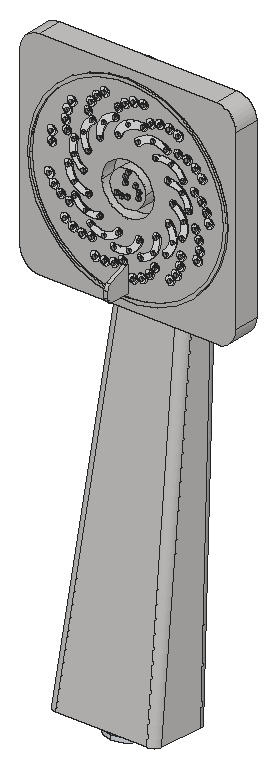
Revit family "VS-5001", category Plumbing Fixtures, Revit 2023
Family settings
  Round Connector Dimension = Use Diameter
  Part Type = Normal
  OmniClass Number = 23.45.00.00
  OmniClass Title = Sanitary, Laundry, and Cleaning Equipment
  Work Plane-Based = No
  Enable Cutting in Views = No
  Always vertical = Yes
  Cut with Voids When Loaded = No
  Maintain Annotation Orientation = No
  Shared = No
  Room Calculation Point = No
Parameters
  Default Elevation = 0' - 0"
Reference planes (in)
  plane 1 "Center (Front/Back)": y = 0
  plane 2: z = 0
  plane 3 "Center (Left/Right)": x = 0
  plane 4: y = 2.375
  plane 5: z = 10.375
  plane 6: x = -2.375
  plane 7: x = 2.375
  plane 8: z = 12.75
  plane 9: z = 8
  plane 10: y = 0.63108
  plane 11: y = 1.18628
  plane 12: y = 0.61864
Forms (in)
  SweptBlend 1, solid, material "Metal Finish"
    path origin (0, 0.55998, -0.13052) x (0, 0.993065, 0.117567) y (0, -0.117567, 0.993065)
      loop
        line (0.06002, 0.12432) -> (1.98613, 9.38304)
    profile origin (0, 0.60496, 0) x (0, -0.996195, 0.087156) y (1, 0, 0)
      loop
        arc (0.53413, -1.1875) -> (0.66835, -1.1319) -> (0.72395, -0.99768) r 0.18982
        line (0.72395, -0.99768) -> (0.72395, 0.99768)
        arc (0.72395, 0.99768) -> (0.66835, 1.1319) -> (0.53413, 1.1875) r 0.18982
        line (0.53413, 1.1875) -> (-0.53413, 1.1875)
        arc (-0.53413, 1.1875) -> (-0.66835, 1.1319) -> (-0.72395, 0.99768) r 0.18982
        line (-0.72395, 0.99768) -> (-0.72395, -0.99768)
        arc (-0.72395, -0.99768) -> (-0.66835, -1.1319) -> (-0.53413, -1.1875) r 0.18982
        line (-0.53413, -1.1875) -> (0.53413, -1.1875)
    end profile origin (0, 1.42919, 9.42096) x (0, -0.996195, 0.087156) y (1, 0, 0)
      loop
        arc (-0.20622, -0.7269) -> (-0.07133, -0.67103) -> (-0.01546, -0.53615) r 0.19075
        line (-0.01546, -0.53615) -> (-0.01546, 0.53615)
        arc (-0.01546, 0.53615) -> (-0.07133, 0.67103) -> (-0.20622, 0.7269) r 0.19075
        line (-0.20622, 0.7269) -> (-0.64537, 0.7269)
        arc (-0.64537, 0.7269) -> (-0.78025, 0.67103) -> (-0.83612, 0.53615) r 0.19075
        line (-0.83612, 0.53615) -> (-0.83612, -0.53615)
        arc (-0.83612, -0.53615) -> (-0.78025, -0.67103) -> (-0.64537, -0.7269) r 0.19075
        line (-0.64537, -0.7269) -> (-0.20622, -0.7269)
  Extrusion 2, solid, material "Metal Finish"
    sketch origin (0, 0, 0) x (1, 0, 0) y (0, 0, 1)
      loop
        arc (-1.9413, 12.75) -> (-2.24797, 12.62297) -> (-2.375, 12.3163) r 0.4337
        line (-2.375, 12.3163) -> (-2.375, 8.4337)
        arc (-2.375, 8.4337) -> (-2.24797, 8.12703) -> (-1.9413, 8) r 0.4337
        line (-1.9413, 8) -> (1.9413, 8)
        arc (1.9413, 8) -> (2.24797, 8.12703) -> (2.375, 8.4337) r 0.4337
        line (2.375, 8.4337) -> (2.375, 12.3163)
        arc (2.375, 12.3163) -> (2.24797, 12.62297) -> (1.9413, 12.75) r 0.4337
        line (1.9413, 12.75) -> (-1.9413, 12.75)
    from -0.63108 to -1.18628
  Revolve 3, solid, material "Metal Finish"
    sketch origin (0, 0, 0) x (0, 1, 0) y (0, 0, 1)
      loop
        line (1.18628, 12.75) -> (1.18628, 10.375) -> (2.375, 10.375) -> (2.375, 11.5431) -> (2.30693, 11.61117)
        arc (2.30693, 11.61117) -> (2.13859, 11.79301) -> (1.9462, 11.94919) r 1.7461
        arc (1.9462, 11.94919) -> (1.58493, 12.25233) -> (1.28178, 12.61361) r 2.70557
        line (1.28178, 12.61361) -> (1.18628, 12.75)
      axis (1.18628, 10.375) -> (2.375, 10.375)
    angle from 0 to 360
  Extrusion 4, solid, material "Metal Finish"
    sketch origin (0, 0, 0) x (1, 0, 0) y (0, 0, 1)
      loop
        circle (0, 10.375) r 2.1875
      loop
        circle (0, 10.375) r 2.125
    from -0.63108 to -0.59395
  Extrusion 5, solid, material "New Finishes"
    sketch origin (0.01104, 0.23643, 10.43272) x (0, 0, -1) y (1, 0, 0)
      loop
        arc (-0.81781, 0.55881) -> (-0.75454, 0.53471) -> (-0.71039, 0.58605) r 0.0589
        arc (-0.71039, 0.58605) -> (-0.7188, 0.90271) -> (-0.51022, 1.14113) r 0.43505
        arc (-0.51022, 1.14113) -> (-0.47872, 1.22825) -> (-0.56296, 1.26678) r 0.06837
        arc (-0.56296, 1.26678) -> (-0.84591, 0.96878) -> (-0.81781, 0.55881) r 0.51082
      loop
        arc (-0.4883, 0.88009) -> (-0.417, 0.80879) -> (-0.3457, 0.88009) r 0.0713
        arc (-0.3457, 0.88009) -> (-0.24577, 1.13832) -> (0.0075, 1.25025) r 0.36178
        arc (0.0075, 1.25025) -> (0.07607, 1.31386) -> (0.02127, 1.38966) r 0.07056
        arc (0.02127, 1.38966) -> (-0.33905, 1.24041) -> (-0.4883, 0.88009) r 0.50957
      loop
        arc (-0.06651, 1.02574) -> (-0.0303, 0.92475) -> (0.07066, 0.96105) r 0.07583
        arc (0.07066, 0.96105) -> (0.28156, 1.14677) -> (0.561, 1.11704) r 0.34929
        arc (0.561, 1.11704) -> (0.65748, 1.14278) -> (0.63265, 1.23949) r 0.07094
        arc (0.63265, 1.23949) -> (0.23623, 1.28581) -> (-0.06651, 1.02574) r 0.49717
      loop
        arc (0.37812, 0.95663) -> (0.36276, 0.85089) -> (0.4685, 0.83554) r 0.07555
        arc (0.4685, 0.83554) -> (0.73387, 0.9078) -> (0.97716, 0.77953) r 0.37494
        arc (0.97716, 0.77953) -> (1.08619, 0.77242) -> (1.09331, 0.88145) r 0.07726
        arc (1.09331, 0.88145) -> (0.75042, 1.05893) -> (0.37812, 0.95663) r 0.52989
      loop
        arc (0.76507, 0.69714) -> (0.70161, 0.6135) -> (0.78526, 0.55004) r 0.07424
        arc (0.78526, 0.55004) -> (1.06031, 0.50833) -> (1.21837, 0.2794) r 0.35058
        arc (1.21837, 0.2794) -> (1.30537, 0.21568) -> (1.36137, 0.30784) r 0.07317
        arc (1.36137, 0.30784) -> (1.13591, 0.61383) -> (0.76507, 0.69714) r 0.54323
      loop
        arc (0.95139, 0.16238) -> (1.18565, -0.0212) -> (1.2275, -0.31586) r 0.3987
        arc (1.2275, -0.31586) -> (1.29728, -0.38564) -> (1.36706, -0.31586) r 0.06978
        arc (1.36706, -0.31586) -> (1.29845, 0.06664) -> (0.99345, 0.30745) r 0.54794
        arc (0.99345, 0.30745) -> (0.89989, 0.25594) -> (0.95139, 0.16238) r 0.07552
      loop
        arc (1.01869, -0.16124) -> (0.92529, -0.16043) -> (0.90668, -0.25196) r 0.07342
        arc (0.90668, -0.25196) -> (1.06093, -0.51073) -> (0.96385, -0.79592) r 0.35913
        arc (0.96385, -0.79592) -> (0.9855, -0.89015) -> (1.08133, -0.87729) r 0.07176
        arc (1.08133, -0.87729) -> (1.19834, -0.50629) -> (1.01869, -0.16124) r 0.5082
      loop
        arc (0.85539, -0.60544) -> (0.76815, -0.56868) -> (0.73139, -0.65592) r 0.06694
        arc (0.73139, -0.65592) -> (0.7286, -0.91429) -> (0.55112, -1.10208) r 0.35435
        arc (0.55112, -1.10208) -> (0.51669, -1.19954) -> (0.61452, -1.23292) r 0.0727
        arc (0.61452, -1.23292) -> (0.85901, -0.9668) -> (0.85539, -0.60544) r 0.49139
      loop
        arc (0, -1.23294) -> (-0.08034, -1.31328) -> (0, -1.39362) r 0.08034
        arc (0, -1.39362) -> (0.36473, -1.24254) -> (0.5158, -0.87781) r 0.5158
        arc (0.5158, -0.87781) -> (0.4505, -0.80497) -> (0.37098, -0.86196) r 0.07328
        arc (0.37098, -0.86196) -> (0.26232, -1.12428) -> (0, -1.23294) r 0.37098
      loop
        arc (-0.54976, -1.10508) -> (-0.61962, -1.16898) -> (-0.57294, -1.25135) r 0.07597
        arc (-0.57294, -1.25135) -> (-0.20653, -1.26068) -> (0.07646, -1.02774) r 0.52434
        arc (0.07646, -1.02774) -> (0.06009, -0.93619) -> (-0.03292, -0.93715) r 0.07201
        arc (-0.03292, -0.93715) -> (-0.25602, -1.12981) -> (-0.54976, -1.10508) r 0.38015
      loop
        arc (-0.97628, -0.75136) -> (-1.08298, -0.73869) -> (-1.08751, -0.84604) r 0.07324
        arc (-1.08751, -0.84604) -> (-0.73955, -1.04195) -> (-0.35454, -0.93604) r 0.52437
        arc (-0.35454, -0.93604) -> (-0.35657, -0.84401) -> (-0.44818, -0.83501) r 0.06938
        arc (-0.44818, -0.83501) -> (-0.72953, -0.90242) -> (-0.97628, -0.75136) r 0.37842
      loop
        arc (-1.2025, -0.26215) -> (-1.29113, -0.21294) -> (-1.34243, -0.30037) r 0.07255
        arc (-1.34243, -0.30037) -> (-1.11438, -0.61474) -> (-0.73186, -0.6819) r 0.51742
        arc (-0.73186, -0.6819) -> (-0.69199, -0.60824) -> (-0.76061, -0.56021) r 0.06293
        arc (-0.76061, -0.56021) -> (-1.03686, -0.49318) -> (-1.2025, -0.26215) r 0.40851
      loop
        arc (-1.20784, 0.32052) -> (-1.28577, 0.39845) -> (-1.3637, 0.32052) r 0.07793
        arc (-1.3637, 0.32052) -> (-1.28943, -0.05468) -> (-0.99302, -0.2964) r 0.5645
        arc (-0.99302, -0.2964) -> (-0.89349, -0.25136) -> (-0.93414, -0.14995) r 0.079
        arc (-0.93414, -0.14995) -> (-1.15178, 0.03828) -> (-1.20784, 0.32052) r 0.44293
      loop
        arc (-0.90402, 0.26953) -> (-1.02767, 0.53321) -> (-0.94896, 0.81362) r 0.41773
        arc (-0.94896, 0.81362) -> (-0.96544, 0.9066) -> (-1.059, 0.89381) r 0.06813
        arc (-1.059, 0.89381) -> (-1.17476, 0.50724) -> (-0.99364, 0.14666) r 0.54637
        arc (-0.99364, 0.14666) -> (-0.90124, 0.17339) -> (-0.90402, 0.26953) r 0.07853
      loop
        circle (-0.71726, 1.61911) r 0.09055
      loop
        circle (-0.87393, 1.47684) r 0.08817
      loop
        circle (-0.98236, 1.298) r 0.08817
      loop
        circle (-1.0233, 1.09486) r 0.0833
      loop
        circle (-0.39873, 1.45038) r 0.07861
      loop
        circle (-0.26525, 1.61299) r 0.08512
      loop
        circle (-0.08565, 1.71997) r 0.0865
      loop
        circle (0.11414, 1.77189) r 0.09338
      loop
        circle (0.31763, 1.47195) r 0.0844
      loop
        circle (0.51195, 1.55356) r 0.08139
      loop
        circle (0.72014, 1.56889) r 0.08711
      loop
        circle (0.92554, 1.52099) r 0.09415
      loop
        circle (0.96469, 1.15952) r 0.08854
      loop
        circle (1.1732, 1.13777) r 0.08935
      loop
        circle (1.36578, 1.05639) r 0.09441
      loop
        circle (1.52213, 0.9193) r 0.08935
      loop
        circle (1.39238, 0.58351) r 0.0863
      loop
        circle (1.5676, 0.46528) r 0.08527
      loop
        circle (1.69956, 0.30434) r 0.0921
      loop
        circle (1.77373, 0.10965) r 0.09139
      loop
        circle (1.49955, -0.12619) r 0.08753
      loop
        circle (1.60498, -0.31537) r 0.0867
      loop
        circle (1.64378, -0.51841) r 0.08775
      loop
        circle (1.62096, -0.72679) r 0.09695
      loop
        circle (1.26856, -0.80722) r 0.08209
      loop
        circle (1.27197, -1.01412) r 0.0869
      loop
        circle (1.21337, -1.21943) r 0.09293
      loop
        circle (1.0965, -1.38986) r 0.09139
      loop
        circle (0.32429, -1.73759) r 0.10194
      loop
        circle (0.5116, -1.63361) r 0.09381
      loop
        circle (0.65311, -1.48558) r 0.09106
      loop
        circle (0.74304, -1.29884) r 0.085
      loop
        circle (-0.52352, -1.68475) r 0.09461
      loop
        circle (-0.30962, -1.68317) r 0.08808
      loop
        circle (-0.64722, -1.34824) r 0.08518
      loop
        circle (-0.85316, -1.37551) r 0.09064
      loop
        circle (-1.06061, -1.33546) r 0.09474
      loop
        circle (-1.25016, -1.24374) r 0.095
      loop
        circle (-1.19575, -0.88635) r 0.08033
      loop
        circle (-1.39593, -0.81685) r 0.08908
      loop
        circle (-1.55961, -0.68998) r 0.08659
      loop
        circle (-1.68551, -0.52351) r 0.09008
      loop
        circle (-1.48127, -0.22585) r 0.07928
      loop
        circle (-1.61764, -0.06729) r 0.08774
      loop
        circle (-1.71139, 0.11916) r 0.09119
      loop
        circle (-1.73359, 0.33164) r 0.08749
      loop
        circle (-1.4122, 0.49414) r 0.08885
      loop
        circle (-1.4676, 0.69373) r 0.08858
      loop
        circle (-1.45594, 0.90222) r 0.09033
      loop
        circle (-1.38522, 1.09831) r 0.10082
    from -0.39465 to -0.38221
  Extrusion 6, solid, material "Default"
    sketch origin (0.01194, 0.19821, 10.42904) x (0, 0, -1) y (-1, 0, 0)
      loop
        circle (-1.38522, -1.09831) r 0.03486
      loop
        circle (-1.45594, -0.90222) r 0.03516
      loop
        circle (-1.4676, -0.69373) r 0.03516
      loop
        circle (-1.4122, -0.49414) r 0.03516
      loop
        circle (-1.0233, -1.09486) r 0.03516
      loop
        circle (-0.98236, -1.298) r 0.03516
      loop
        arc (-0.90908, -1.47684) -> (-0.87495, -1.4417) -> (-0.83883, -1.47479) r 0.03516
        arc (-0.83883, -1.47479) -> (-0.87086, -1.51186) -> (-0.90885, -1.48092) r 0.03516
      loop
        circle (-0.71726, -1.61911) r 0.03516
      loop
        arc (-0.43346, -1.44491) -> (-0.39462, -1.41546) -> (-0.36368, -1.45312) r 0.03516
        arc (-0.36368, -1.45312) -> (-0.4001, -1.48551) -> (-0.43389, -1.45038) r 0.03516
      loop
        circle (-0.26525, -1.61299) r 0.03516
      loop
        circle (-0.08565, -1.71997) r 0.03516
      loop
        arc (0.14903, -1.77624) -> (0.11087, -1.80689) -> (0.07905, -1.76971) r 0.03516
        arc (0.07905, -1.76971) -> (0.11523, -1.73675) -> (0.1493, -1.77189) r 0.03516
      loop
        circle (0.31763, -1.47195) r 0.03516
      loop
        circle (0.51195, -1.55356) r 0.03516
      loop
        circle (0.72014, -1.56889) r 0.03516
      loop
        circle (0.92554, -1.52099) r 0.03516
      loop
        circle (0.96469, -1.15952) r 0.03516
      loop
        circle (1.1732, -1.13777) r 0.03516
      loop
        circle (1.36578, -1.05639) r 0.03516
      loop
        circle (1.52213, -0.9193) r 0.03516
      loop
        circle (1.39238, -0.58351) r 0.03516
      loop
        circle (1.5676, -0.46528) r 0.03516
      loop
        circle (1.69956, -0.30434) r 0.03516
      loop
        circle (1.77373, -0.10965) r 0.03516
      loop
        circle (1.49955, 0.12619) r 0.03516
      loop
        circle (1.60498, 0.31537) r 0.03516
      loop
        circle (1.64378, 0.51841) r 0.03516
      loop
        circle (1.62096, 0.72679) r 0.03516
      loop
        circle (1.26856, 0.80722) r 0.03516
      loop
        circle (1.27197, 1.01412) r 0.03516
      loop
        circle (1.21337, 1.21943) r 0.03516
      loop
        circle (1.0965, 1.38986) r 0.03516
      loop
        circle (0.74304, 1.29884) r 0.03516
      loop
        circle (0.65311, 1.48558) r 0.03516
      loop
        circle (0.5116, 1.63361) r 0.03516
      loop
        circle (0.32429, 1.73759) r 0.03516
      loop
        circle (-0.30962, 1.68317) r 0.03516
      loop
        circle (-0.52352, 1.68475) r 0.03516
      loop
        circle (-1.25016, 1.24374) r 0.03516
      loop
        circle (-1.06061, 1.33546) r 0.03516
      loop
        circle (-0.85316, 1.37551) r 0.03516
      loop
        circle (-0.64722, 1.34824) r 0.03516
      loop
        circle (-1.19575, 0.88635) r 0.03516
      loop
        circle (-1.39593, 0.81685) r 0.03516
      loop
        circle (-1.55961, 0.68998) r 0.03516
      loop
        circle (-1.68551, 0.52351) r 0.03516
      loop
        circle (-1.48127, 0.22585) r 0.03516
      loop
        circle (-1.61764, 0.06729) r 0.03516
      loop
        circle (-1.71139, -0.11916) r 0.03516
      loop
        circle (-1.73359, -0.33164) r 0.03516
      loop
        circle (0.97546, 0.2185) r 0.03399
      loop
        circle (1.02897, 0.83017) r 0.03399
      loop
        circle (1.13876, 0.52855) r 0.03399
      loop
        circle (0.97546, -0.23662) r 0.03399
      loop
        circle (1.30211, 0.30702) r 0.03399
      loop
        circle (1.24451, -0.01967) r 0.03399
      loop
        circle (1.30104, -0.28563) r 0.03399
      loop
        circle (0.77823, -0.62514) r 0.03399
      loop
        circle (1.10365, -0.55597) r 0.03399
      loop
        circle (0.74615, -0.98202) r 0.03399
      loop
        circle (1.03839, -0.83311) r 0.03399
      loop
        circle (0.42111, -0.89799) r 0.03399
      loop
        circle (0.5908, -1.1804) r 0.03399
      loop
        circle (0.25985, -1.21518) r 0.03399
      loop
        circle (-0.00026, -0.98907) r 0.03399
      loop
        circle (-0.00026, -1.31535) r 0.03399
      loop
        circle (-0.42126, -0.89435) r 0.03399
      loop
        circle (-0.29753, -1.18582) r 0.03399
      loop
        circle (-0.54692, -1.20326) r 0.03399
      loop
        circle (-0.77564, -0.60744) r 0.03399
      loop
        circle (-0.77564, -0.94749) r 0.03399
      loop
        circle (-1.02179, -0.83271) r 0.03399
      loop
        circle (-0.96869, -0.22584) r 0.03399
      loop
        circle (-1.09956, -0.54976) r 0.03399
      loop
        circle (-0.9632, 0.22361) r 0.03399
      loop
        circle (-1.28975, -0.31987) r 0.03399
      loop
        circle (-1.23426, -0.00513) r 0.03399
      loop
        circle (-0.76134, 0.62245) r 0.03399
      loop
        circle (-1.27296, 0.2902) r 0.03399
      loop
        circle (-1.09305, 0.53783) r 0.03399
      loop
        circle (-0.4058, 0.888) r 0.03399
      loop
        circle (-1.03793, 0.79916) r 0.03399
      loop
        circle (-0.7461, 0.9745) r 0.03399
      loop
        circle (0.01694, 0.98782) r 0.03399
      loop
        circle (-0.53387, 1.1883) r 0.03399
      loop
        circle (-0.23521, 1.1883) r 0.03399
      loop
        circle (0.44995, 0.88325) r 0.03399
      loop
        circle (0.01426, 1.31894) r 0.03399
      loop
        circle (0.3096, 1.18122) r 0.03399
      loop
        circle (0.79338, 0.62919) r 0.03399
      loop
        circle (0.78947, 0.93498) r 0.03399
      loop
        circle (0.5859, 1.16916) r 0.03399
      loop
        circle (-0.28774, -0.00085) r 0.03399
      loop
        circle (-0.18768, 0.05957) r 0.03399
      loop
        circle (-0.06282, 0.06284) r 0.03399
      loop
        circle (0.22576, 0.13819) r 0.03399
      loop
        circle (0.18927, 0.24788) r 0.03399
      loop
        circle (0.20386, 0.01598) r 0.03399
      loop
        circle (-0.0754, -0.16012) r 0.03399
      loop
        circle (0.02998, -0.23024) r 0.03399
      loop
        circle (0.14572, -0.22466) r 0.03399
    from 0.39575 to 0.42043
  Extrusion 7, solid, material "Metal Finish"
    sketch origin (-0.00181, 0.53959, 10.47296) x (0, 0, -1) y (0, -1, 0)
      loop
        line (1.69215, -0.09149) -> (2.16603, -0.09149) -> (2.13134, 0.3876)
        arc (2.13134, 0.3876) -> (2.08832, 0.43471) -> (2.02742, 0.45375) r 0.12233
        line (2.02742, 0.45375) -> (1.87467, 0.45375)
        arc (1.87467, 0.45375) -> (1.81179, 0.42939) -> (1.76926, 0.37705) r 0.13146
        line (1.76926, 0.37705) -> (1.59873, -0.09149) -> (1.69215, -0.09149)
    from 0.00433 to 0.09013
  Extrusion 8, void
    sketch origin (0, 0.63108, 0) x (-1, 0, 0) y (0, 0, 1)
      loop
        circle (0, 10.375) r 0.57699
      loop
        circle (0, 10.375) r 0.39419
    from 0 to 0.30718
  Extrusion 9, solid, material "New Material"
    sketch origin (0, 0.63108, 0) x (1, 0, 0) y (0, 0, 1)
      loop
        circle (0.0127, 10.71588) r 0.04761
      loop
        circle (-0.04772, 10.61582) r 0.04761
      loop
        circle (-0.05028, 10.49095) r 0.04761
      loop
        circle (0.17004, 10.50348) r 0.04761
      loop
        circle (0.2421, 10.39816) r 0.04761
      loop
        circle (-0.00413, 10.22428) r 0.04761
      loop
        circle (-0.12633, 10.20238) r 0.04761
      loop
        circle (-0.23602, 10.23887) r 0.04761
      loop
        circle (0.23778, 10.2824) r 0.04761
    from 0 to 0.01244
  Revolve 10, solid
    sketch origin (0, -0.00369, 0.02264) x (0, 0.996733, 0.080768) y (0, -0.080768, 0.996733)
      loop
        line (0.53962, -0.37061) -> (0.59851, -0.03658) -> (0.21463, -0.003) -> (0.20923, -0.03363) -> (0.1499, -0.06788) -> (0.18003, -0.12006) -> (0.1207, -0.15431) -> (0.15082, -0.20648) -> (0.13448, -0.29917) -> (0.53962, -0.37061)
      axis (0.59851, -0.03658) -> (0.53962, -0.37061)
    angle from 0 to 360
Cuts and joins
  Extrusion 8 cuts Extrusion 2
  Extrusion 8 cuts Revolve 3
  joined: SweptBlend 1, Revolve 3
Dimensions and locks (in)
  cut or joined group of Extrusion 2, Extrusion 8 to cut or joined group of Extrusion 2, Extrusion 8 = 0' - 4 3/4"
  plane 8 to plane 9 = 0' - 4 3/4"
  plane 9 to level = 0' - 8"
  plane 5 to level = 0' - 10 3/8"  (x2)
  plane 4 to plane 1 "Center (Front/Back)" = 0' - 2 3/8"
  aligned and locked: level to plane 2
  aligned and locked: plane 10 to Extrusion 2
  aligned and locked: Extrusion 2 to plane 11
  aligned and locked: Extrusion 4 to Extrusion 2
  aligned and locked: Extrusion 9 to plane 10
  aligned and locked: Extrusion 5 to Extrusion 6
  aligned and locked: plane 10 to cut or joined group of Extrusion 2, Extrusion 8
  aligned and locked: Extrusion 4 to plane 10
  aligned and locked: cut or joined group of Extrusion 2, Extrusion 8 to plane 11
  aligned and locked: Extrusion 5 to plane 10
  aligned and locked: plane 12 to Extrusion 5
  aligned and locked: Extrusion 6 to plane 12
  aligned and locked: plane 11 to cut or joined group of SweptBlend 1, Revolve 3, Extrusion 8
  aligned and locked: Extrusion 2 to Extrusion 8
